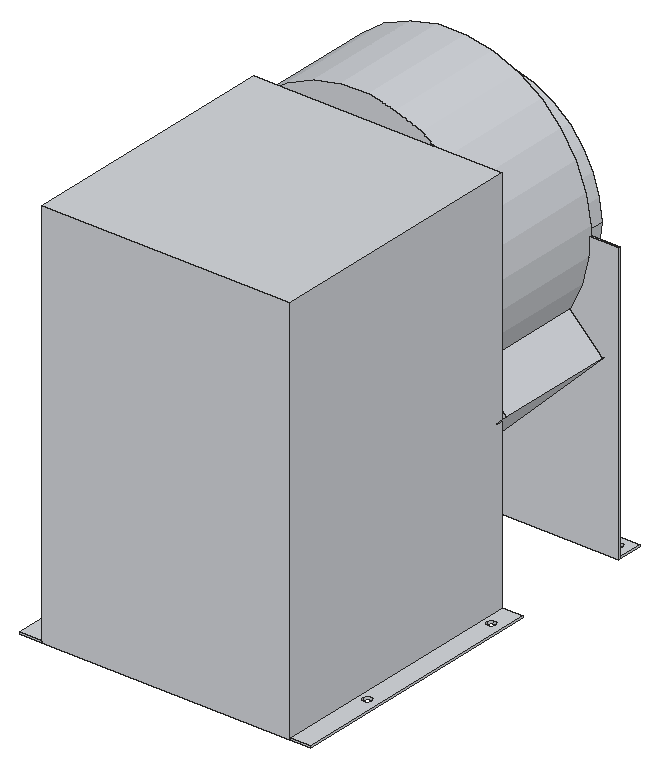
Revit family "CPFB_CCW_BAD", category Mechanical Equipment, Revit 2019
Family settings
  Round Connector Dimension = Use Radius
  Part Type = Normal
  Work Plane-Based = No
  Always vertical = Yes
  Cut with Voids When Loaded = No
  Shared = No
  Room Calculation Point = No
Parameters (values of type "100-CPFB_CCW_BAD")
  Z = 0' - 4 5/8"
  Y = 0' - 8 5/8"
  X = 1' - 2 1/16"
  W+M = W + M  # 1' - 5 1/8"
  W+1.5+K+L = W + 0' 1 1/2" + K + L  # 2' - 1 3/4"
  W+1.5 = W + 0' 1 1/2"  # 0' - 5 1/2"
  W = 0' - 4"
  V = 0' - 8"
  Unit Weight [instance] = ""
  U-.125 = U - 0' 0 1/8"  # 0' - 1 1/2"
  U = 0' - 1 5/8"
  T = 0' - 0 3/4"
  Sones [instance] = ""
  S/2 = S / 2  # 0' - 0 9/32"
  S = 0' - 0 9/16"
  R = 0' - 0 3/4"
  Q = 0' - 3"
  P-U = P - U  # 2' - 1 3/16"
  P = 2' - 2 13/16"
  N = 0' - 9 3/8"
  Motor RPM [instance] = ""
  Motor Enclosure [instance] = ""
  ModelID [instance] = ""
  M = 1' - 1 1/8"
  LwA [instance] = ""
  L = 0' - 10 1/4"
  K = 0' - 10"
  J = 0' - 10 3/4"
  H = 2' - 1 1/4"
  G-V = G - V  # 0' - 1 3/8"
  G = 0' - 9 3/8"
  Fan RPM [instance] = ""
  F-.125 = F - 0' 0 1/8"  # 0' - 7 3/8"
  F = 0' - 7 1/2"
  E-F = E - F  # 0' - 10 3/16"
  E = 1' - 5 11/16"
  D = 1' - 6"
  C/8*7 = C / 8 * 2.5  # 0' - 4 53/128"
  C/8 = C / 6  # 0' - 2.35417"
  C/2 = C / 2  # 0' - 7 1/16"
  C = 1' - 2 1/8"
  Brake Hp [instance] = ""
  B = 0' - 10 15/16"
  Accessories [instance] = ""
  A+.25 = A + 0' 0 1/4"  # 0' - 7 13/16"
  A = 0' - 7 9/16"
  CUT = 0' - 3 1/2"
  3" = 0' - 3"  # constant formula
  1'8" = 1' - 8"  # constant formula
  0 = 0' - 0"  # constant formula
  Voltage [instance] = 0 V
  URL = "www.lorencook.com"
  Type Comments = "Foward Curved Centrifugal Blower Counter-Clockwise Bottom Angular Down Arrangement 10"  # constant formula
  Static Pressure [instance] = 0.00 in-wg
  Power [instance] = Voltage * Motor FLA * sqrt(if(Phase = 3, 3, 1))  # 0 VA
  Phase [instance] = 0
  Number of Poles [instance] = 1
  Motor Hp [instance] = "0"
  Motor FLA [instance] = 0 A
  Model = "CPFB_CCW_BAD"  # constant formula
  Manufacturer = "Loren Cook Company"
  CFM [instance] = 0 CFM
  1.5 = 0' - 1 1/2"  # constant formula
  ONE EIGTH = 0' - 0 1/8"  # constant formula
  -1.5 = -0' - 1 1/2"  # constant formula
  -.125 = -0' - 0 1/8"  # constant formula
  -(A+.25) = -(A + 0' 0 1/4")  # -0' - 7 13/16"
  (C/2)-1.5 = (C / 2) - 0' 1 1/2"  # 0' - 5 9/16"
  (C/2)-.25 = (C / 2) - 0' 0 1/4"  # 0' - 6 13/16"
Types (9): name | Z | Y | X | W+M | W+1.5+K+L | W+1.5 | W | V | U-.125 | U | T | S/2 | S | R | Q | P-U | P | N | M | L | K | J | H | G-V | G | F-.125 | F | E-F | E | D | C/8*7 | C/8 | C/2 | C | B | A+.25 | A | CUT | -(A+.25) | (C/2)-1.5 | (C/2)-.25
  (no name) | 0' - 4 5/8" | 0' - 8 5/8" | 1' - 2 1/16" | 1' - 5 1/8" | 2' - 1 3/4" | 0' - 5 1/2" | 0' - 4" | 0' - 8" | 0' - 1 1/2" | 0' - 1 5/8" | 0' - 0 3/4" | 0' - 0 9/32" | 0' - 0 9/16" | 0' - 0 3/4" | 0' - 3" | 2' - 1 3/16" | 2' - 2 13/16" | 0' - 9 3/8" | 1' - 1 1/8" | 0' - 10 1/4" | 0' - 10" | 0' - 10 3/4" | 2' - 1 1/4" | 0' - 1 3/8" | 0' - 9 3/8" | 0' - 7 3/8" | 0' - 7 1/2" | 0' - 10 3/16" | 1' - 5 11/16" | 1' - 6" | 0' - 4 53/128" | 0' - 2.35417" | 0' - 7 1/16" | 1' - 2 1/8" | 0' - 10 15/16" | 0' - 7 13/16" | 0' - 7 9/16" | 0' - 3 1/2" | -0' - 7 13/16" | 0' - 5 9/16" | 0' - 6 13/16"
  150-CPFB_CCW_BAD | 0' - 6 9/16" | 0' - 8 5/8" | 1' - 7 5/8" | 1' - 7 1/8" | 2' - 7 5/8" | 0' - 5 1/2" | 0' - 4" | 0' - 8" | 0' - 1 1/2" | 0' - 1 5/8" | 0' - 0 3/4" | 0' - 0 9/32" | 0' - 0 9/16" | 0' - 0 3/4" | 0' - 3" | 2' - 6 11/16" | 2' - 8 5/16" | 1' - 1 1/4" | 1' - 3 1/8" | 1' - 2 1/8" | 1' - 0" | 1' - 2 5/8" | 2' - 5 1/16" | 0' - 1 3/8" | 0' - 9 3/8" | 0' - 11 1/8" | 0' - 11 1/4" | 1' - 3 3/8" | 2' - 2 5/8" | 1' - 7 1/16" | 0' - 5 125/128" | 0' - 3 3/16" | 0' - 9 9/16" | 1' - 7 1/8" | 1' - 4 7/16" | 0' - 11 11/16" | 0' - 11 7/16" | 0' - 2" | -0' - 11 11/16" | 0' - 8 1/16" | 0' - 9 5/16"
  180-CPFB_CCW_BAD | 0' - 7 3/4" | 0' - 9 5/8" | 1' - 10 7/8" | 1' - 7 1/8" | 2' - 9 15/16" | 0' - 5 1/2" | 0' - 4" | 0' - 9" | 0' - 1 1/2" | 0' - 1 5/8" | 0' - 0 3/4" | 0' - 0 9/32" | 0' - 0 9/16" | 0' - 1" | 0' - 3" | 3' - 0 5/16" | 3' - 1 15/16" | 1' - 3 9/16" | 1' - 3 1/8" | 1' - 4 7/16" | 1' - 0" | 1' - 4 15/16" | 2' - 9 9/16" | 0' - 1 3/8" | 0' - 10 3/8" | 1' - 1 7/16" | 1' - 1 9/16" | 1' - 6 3/8" | 2' - 7 15/16" | 1' - 10 1/16" | 0' - 7 23/256" | 0' - 3 25/32" | 0' - 11 11/32" | 1' - 10 11/16" | 1' - 7 11/16" | 1' - 2" | 1' - 1 3/4" | 0' - 2" | -1' - 2" | 0' - 9 27/32" | 0' - 11 3/32"
  220-CPFB_CCW_BAD | 0' - 9 7/16" | 0' - 11 1/8" | 2' - 3 13/16" | 1' - 11 1/8" | 3' - 5 3/8" | 0' - 6 1/2" | 0' - 5" | 0' - 10 1/2" | 0' - 1 1/2" | 0' - 1 5/8" | 0' - 0 3/4" | 0' - 0 9/32" | 0' - 0 9/16" | 0' - 1" | 0' - 4" | 3' - 9 1/4" | 3' - 10 7/8" | 1' - 7" | 1' - 6 1/8" | 1' - 7 7/8" | 1' - 3" | 1' - 8 7/16" | 3' - 5" | 0' - 1 3/8" | 0' - 11 7/8" | 1' - 4 3/4" | 1' - 4 7/8" | 1' - 11" | 3' - 3 7/8" | 2' - 3" | 0' - 8 147/256" | 0' - 4.57292" | 1' - 1 23/32" | 2' - 3 7/16" | 2' - 0 5/8" | 1' - 5 7/16" | 1' - 5 3/16" | 0' - 2" | -1' - 5 7/16" | 1' - 0 7/32" | 1' - 1 15/32"
  250-CPFB_CCW_BAD | 0' - 10 1/2" | 1' - 0 3/8" | 2' - 7" | 1' - 11 1/8" | 3' - 7 3/16" | 0' - 6 1/2" | 0' - 5" | 0' - 11 1/2" | 0' - 2" | 0' - 2 1/8" | 0' - 1" | 0' - 0 11/32" | 0' - 0 11/16" | 0' - 1" | 0' - 4" | 4' - 1 1/8" | 4' - 3 1/4" | 1' - 9 1/16" | 1' - 6 1/8" | 1' - 9 11/16" | 1' - 3" | 1' - 11" | 3' - 8 5/8" | 0' - 1 7/8" | 1' - 1 3/8" | 1' - 6 1/4" | 1' - 6 3/8" | 2' - 1" | 3' - 7 3/8" | 2' - 5 5/8" | 0' - 9 51/256" | 0' - 4 29/32" | 1' - 2 23/32" | 2' - 5 7/16" | 2' - 2 13/16" | 1' - 7" | 1' - 6 3/4" | 0' - 2" | -1' - 7" | 1' - 1 7/32" | 1' - 2 15/32"
  270-CPFB_CCW_BAD | 0' - 11 7/16" | 1' - 1 3/8" | 2' - 9 3/4" | 2' - 2 1/8" | 4' - 0 1/16" | 0' - 6 1/2" | 0' - 5" | 1' - 0 1/2" | 0' - 2" | 0' - 2 1/8" | 0' - 1" | 0' - 0 11/32" | 0' - 0 11/16" | 0' - 1" | 0' - 4" | 4' - 6 1/8" | 4' - 8 1/4" | 1' - 10 15/16" | 1' - 9 1/8" | 1' - 11 9/16" | 1' - 6" | 2' - 0 7/8" | 4' - 0 7/8" | 0' - 1 7/8" | 1' - 2 3/8" | 1' - 8 1/8" | 1' - 8 1/4" | 2' - 3 5/8" | 3' - 11 7/8" | 2' - 8 3/8" | 0' - 9 251/256" | 0' - 5.32292" | 1' - 3 31/32" | 2' - 7 15/16" | 2' - 5 9/16" | 1' - 8 7/8" | 1' - 8 5/8" | 0' - 2 1/4" | -1' - 8 7/8" | 1' - 2 15/32" | 1' - 3 23/32"
  300-CPFB_CCW_BAD | 1' - 0 5/8" | 1' - 2 5/16" | 3' - 1" | 2' - 2 3/16" | 4' - 2 1/2" | 0' - 6 1/2" | 0' - 5" | 1' - 1 1/2" | 0' - 2" | 0' - 2 1/8" | 0' - 1" | 0' - 0 11/32" | 0' - 0 11/16" | 0' - 1 3/16" | 0' - 4" | 5' - 0" | 5' - 2 1/8" | 2' - 1 5/16" | 1' - 9 3/16" | 2' - 2" | 1' - 6" | 2' - 3 3/16" | 4' - 5 5/8" | 0' - 1 13/16" | 1' - 3 5/16" | 1' - 10 3/8" | 1' - 10 1/2" | 2' - 6 5/8" | 4' - 5 1/8" | 2' - 11 5/8" | 0' - 10 235/256" | 0' - 5.82292" | 1' - 5 15/32" | 2' - 10 15/16" | 2' - 8 13/16" | 1' - 11 3/16" | 1' - 10 15/16" | 0' - 2 1/2" | -1' - 11 3/16" | 1' - 3 31/32" | 1' - 5 7/32"
  120-CPFB_CCW_BAD | 0' - 5 7/16" | 0' - 8 5/8" | 1' - 4 5/16" | 1' - 5 1/8" | 2' - 3 3/8" | 0' - 5 1/2" | 0' - 4" | 0' - 8" | 0' - 1 1/2" | 0' - 1 5/8" | 0' - 0 3/4" | 0' - 0 9/32" | 0' - 0 9/16" | 0' - 0 3/4" | 0' - 3" | 2' - 3" | 2' - 4 5/8" | 0' - 11" | 1' - 1 1/8" | 0' - 11 7/8" | 0' - 10" | 1' - 0 3/8" | 2' - 2 1/4" | 0' - 1 3/8" | 0' - 9 3/8" | 0' - 8 7/8" | 0' - 9" | 1' - 0 5/16" | 1' - 9 5/16" | 1' - 6" | 0' - 5 5/128" | 0' - 2 11/16" | 0' - 8 1/16" | 1' - 4 1/8" | 1' - 1 1/8" | 0' - 9 7/16" | 0' - 9 3/16" | 0' - 2 1/2" | -0' - 9 7/16" | 0' - 6 9/16" | 0' - 7 13/16"
  100-CPFB_CCW_BAD | 0' - 4 5/8" | 0' - 8 5/8" | 1' - 2 1/16" | 1' - 5 1/8" | 2' - 1 3/4" | 0' - 5 1/2" | 0' - 4" | 0' - 8" | 0' - 1 1/2" | 0' - 1 5/8" | 0' - 0 3/4" | 0' - 0 9/32" | 0' - 0 9/16" | 0' - 0 3/4" | 0' - 3" | 2' - 1 3/16" | 2' - 2 13/16" | 0' - 9 3/8" | 1' - 1 1/8" | 0' - 10 1/4" | 0' - 10" | 0' - 10 3/4" | 2' - 1 1/4" | 0' - 1 3/8" | 0' - 9 3/8" | 0' - 7 3/8" | 0' - 7 1/2" | 0' - 10 3/16" | 1' - 5 11/16" | 1' - 6" | 0' - 4 53/128" | 0' - 2.35417" | 0' - 7 1/16" | 1' - 2 1/8" | 0' - 10 15/16" | 0' - 7 13/16" | 0' - 7 9/16" | 0' - 3 1/2" | -0' - 7 13/16" | 0' - 5 9/16" | 0' - 6 13/16"
Reference planes (in)
  plane 1 "Center (Front/Back)": y = 0
  plane 2: z = 0
  plane 3 "Center (Left/Right)": x = 0.40541
Forms (in)
  Extrusion 1, solid
    sketch origin (0, 0, 0) x (1, 0, 0) y (0, 1, 0)
      loop
        line (-7.59459, 0) -> (-7.59459, -17.125) -> (8.40541, -17.125) -> (8.40541, 0) -> (-7.59459, 0)
    from 0 to 25.25 <- "H"
  Extrusion 2, solid
    sketch origin (0, 0, 0) x (1, 0, 0) y (0, 1, 0)
      loop
        line (-7.59459, 0) -> (-8.96959, 0) -> (-8.96959, -17.125) -> (-7.59459, -17.125) -> (-7.59459, 0)
      loop
        line (8.40541, 0) -> (8.40541, -17.125) -> (9.78041, -17.125) -> (9.78041, 0) -> (8.40541, 0)
    from 0 to 0.125 <- "ONE EIGTH"
  Extrusion 3, solid
    sketch origin (0, 0, 0) x (1, 0, 0) y (0, 1, 0)
      loop
        line (-8.96959, 9.375) -> (-8.96959, 7.8125) -> (9.78041, 7.8125) -> (9.78041, 9.375) -> (-8.96959, 9.375)
    from 0 to 0.125 <- "ONE EIGTH"
  Extrusion 4, solid
    sketch origin (9.78041, 7.8125, 0) x (-1, 0, 0) y (0, 0, -1)
      loop
        line (18.75, 0) -> (0, 0) -> (0, -18) -> (18.75, -18) -> (18.75, 0)
    from 0 to 0.125 <- "ONE EIGTH"
  Extrusion 5, void
    sketch origin (9.78041, 7.8125, 0) x (1, 0, 0) y (0, 0, -1)
      loop
        circle (-9.375, -18) r 7.0625
    from -0.125 <- "-.125" to 0 <- "0"
  Extrusion 6, void
    sketch origin (0, 0, 0) x (1, 0, 0) y (0, 1, 0)
      loop
        circle (9.03041, -1.625) r 0.28125
      loop
        circle (9.03041, -11.625) r 0.28125
      loop
        circle (-8.21959, -11.625) r 0.28125
      loop
        circle (-8.21959, -1.625) r 0.28125
    from -12 to 12
  Extrusion 7, void
    sketch origin (0, 0, 0) x (1, 0, 0) y (0, 1, 0)
      loop
        circle (9.03041, 8.625) r 0.28125
      loop
        circle (-8.21959, 8.625) r 0.28125
    from -0.125 <- "-.125" to 0.125 <- "ONE EIGTH"
  Extrusion 8, solid
    sketch origin (9.78041, 7.6875, 0) x (-1, 0, 0) y (0, 0, -1)
      loop
        circle (9.375, -18) r 7.0625
      loop
        circle (9.375, -18) r 6.8125
    from 0 to -1.5 <- "-1.5"
  Extrusion 9, solid
    sketch origin (12.84666, 0, 4.98541) x (0.707107, 0, 0.707107) y (-0.707107, 0, 0.707107)
      loop
        line (-9.41061, 7.33575) -> (1.52689, 7.33575) -> (1.52689, 10.33575)
        arc (1.52689, 10.33575) -> (4.89644, 25.88252) -> (-9.41061, 18.92808) r 8.84375
        line (-9.41061, 18.92808) -> (-9.41061, 7.33575)
    from 0 to -7.8125 <- "-(A+.25)"
  Revolve 10, void
    sketch origin (0.40541, 0, 0) x (0, 1, 0) y (0, 0, 1)
      loop
        line (7.8125, 23.5625) -> (5.45833, 22.41406) -> (5.45833, 18) -> (7.8125, 18) -> (7.8125, 23.5625)
      axis (5.45833, 18) -> (7.8125, 18)
    angle from 0 to 360
Cuts and joins
  Extrusion 5, Extrusion 7, Revolve 10 cuts Extrusion 4
  Extrusion 6 cuts Extrusion 1
  Extrusion 6 cuts Extrusion 2
  Extrusion 7 cuts Extrusion 3
  Revolve 10 cuts Extrusion 8
  Revolve 10 cuts Extrusion 9
Dimensions and locks (in)
  "0": Extrusion 1 sketch curve to plane 1 "Center (Front/Back)"
  "W+M": plane 1 "Center (Front/Back)" to Extrusion 1 sketch curve
  "V": plane 3 "Center (Left/Right)" to Extrusion 1 sketch curve
  "V": Extrusion 1 sketch curve to plane 3 "Center (Left/Right)"
  "0": Extrusion 2 sketch curve to plane 1 "Center (Front/Back)"  (x2)
  "0": Extrusion 1 to Extrusion 2 sketch curve  (x2)
  "0": Extrusion 2 sketch curve to Extrusion 1  (x2)
  "G-V": Extrusion 2 sketch curve to Extrusion 2 sketch curve  (x2)
  "N": plane 1 "Center (Front/Back)" to Extrusion 3 sketch curve
  "A+.25": Extrusion 3 sketch curve to plane 1 "Center (Front/Back)"
  "0": Extrusion 2 to Extrusion 3 sketch curve  (x2)
  "0": Extrusion 1 to Extrusion 4 sketch curve
  "D": Extrusion 4 sketch curve to Extrusion 4 sketch curve
  "0": Extrusion 4 sketch curve to Extrusion 2  (x2)
  "D": Extrusion 1 to Extrusion 5 sketch curve
  "V": Extrusion 1 to Extrusion 5 sketch curve
  "Y": plane 3 "Center (Left/Right)" to Extrusion 6 sketch curve  (x2)
  "Y": Extrusion 6 sketch curve to plane 3 "Center (Left/Right)"  (x2)
  "W+1.5": Extrusion 1 to Extrusion 6 sketch curve  (x2)
  "K": Extrusion 6 sketch curve to Extrusion 6 sketch curve  (x2)
  "W+1.5+K+L": cut or joined group of Extrusion 1, Extrusion 6 to Extrusion 7 sketch curve  (x2)
  "V": cut or joined group of Extrusion 1, Extrusion 6 to Extrusion 8 sketch curve  (x2)
  "D": Extrusion 8 sketch curve to cut or joined group of Extrusion 1, Extrusion 6  (x2)
  "D": Revolve 10 sketch curve to level  (x2)
  "0": Extrusion 9 to Revolve 10 sketch curve
  "C/8*7": Revolve 10 sketch curve to Revolve 10 sketch curve
  "(C/2)-1.5": Revolve 10 sketch curve to Revolve 10 sketch curve
  "C/8": Extrusion 9 to Revolve 10 sketch curve
  "T": Extrusion 7 sketch curve to cut or joined group of Extrusion 3, Extrusion 7
  "T": cut or joined group of Extrusion 3, Extrusion 7 to Extrusion 7 sketch curve
  "B": Extrusion 9 sketch curve to Extrusion 9 sketch curve
  "3"": Extrusion 9 sketch curve to Extrusion 9 sketch curve
  "E-F": plane 3 "Center (Left/Right)" to Extrusion 9 sketch curve
  "F": Extrusion 9 sketch curve to plane 3 "Center (Left/Right)"
  "P": Extrusion 9 sketch curve to level
  "C/2": radius of Extrusion 5 sketch curve
  "S/2": radius of Extrusion 6 sketch curve  (x4)
  "S/2": radius of Extrusion 7 sketch curve  (x2)
  "C/2": radius of Extrusion 8 sketch curve
  "(C/2)-.25": radius of Extrusion 8 sketch curve
Automatic sketch dimensions
  Revolve 10 sketch curve to Revolve 10 sketch curve = 0' - 0.60417"
  Revolve 10 sketch curve to Revolve 10 sketch curve = 0' - 3.54487"
Connectors (in)
  hvac at (0.40541, 9.1875, 18), driven by "C/2"
    settings: on cut or joined group of Extrusion 8, Revolve 10, index 2, duct flow 0 CFM, flow factor 0, pres drop 0.00 in-wg, loss coef 0, conn angle 0.00°, conn width 12", conn height 12", conn diameter 14 1/8", duct sys type 29, conn prof type 0, flow config 0, flow direction 1, loss method 0, conn ref index -1, conn util no, is conn primary yes, conn desc ""
  electrical at (-7.59459, -8.5625, 12.625)
    settings: on cut or joined group of Extrusion 1, Extrusion 6, index 3, voltage 0 V, apparent load 0 VA, apparent load phase1 0 VA, apparent load phase2 0 VA, apparent load phase3 0 VA, power factor 1, load classification "Other", number of poles 1, system type 30, power factor state 1, is connector primary yes, connector utility no, sub classification motor no, connector description ""
  hvac at (4.87219, 3.90625, 7.38525), driven by "B", driven by "A"
    settings: on cut or joined group of Extrusion 9, Revolve 10, index 4, duct flow 0 CFM, flow factor 0, pres drop 0.00 in-wg, loss coef 0, conn angle 0.00°, conn width 7 9/16", conn height 10 15/16", conn diameter 24", duct sys type 29, conn prof type 1, flow config 0, flow direction 2, loss method 0, conn ref index -1, conn util no, is conn primary no, conn desc ""
